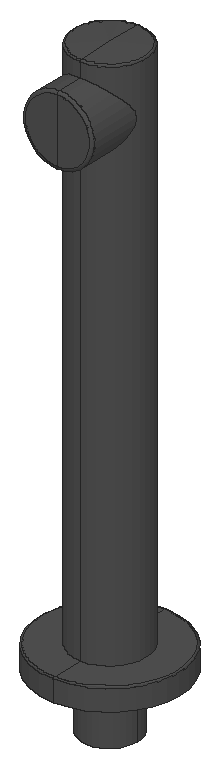
Revit family "Outlet-Bath-Caroma Liano Nexus-Wall", category Plumbing Fixtures, host Face, Revit 2013
Parameters (values of type "Standard")
  Waste Connection = no
  Vent Connection = no
  URL = "http://www.caroma.com.au/"
  Type Comments = "Caroma Liano Nexus Bath Outlet"  # constant formula
  ModifiedIssue_ANZRS = 2013.1  # constant formula
  Model = "96154B"  # constant formula
  Material_ANZRS = Metal-Steel-Powdercoated-Matte Black
  Manufacturer = "GWA Bathrooms & Kitchens"  # constant formula
  HWFU = 3  # constant formula
  HW Connection = yes
  Description = ""
  Default Elevation = 500 mm
  CreatedBy_ANZRS = "Design Content"  # constant formula
  CreatedByURL_ANZRS = "www.designcontent.com.au"
  Cost = 0
  Connector Radius = 0 mm
  CWFU = 3  # constant formula
  CW Connection = yes
  Assembly Code = "D2020300"
Reference planes
  plane 1 "Center (Front/Back)": y = 0
  plane 2: z = 0
  plane 3 "Center (Left/Right)": x = 0
Forms (mm)
  Extrusion 1, solid, material "Metal-Steel-Powdercoated-Matte Black" <- "Material_ANZRS"
    sketch origin (-7.071, -7.071, 0) x (-1, 0, 0) y (0, -1, 0)
      loop
        circle (-7.071, -7.071) r 10
    from -20 to 0
  Revolve 2, solid, material "Metal-Steel-Powdercoated-Matte Black" <- "Material_ANZRS"
    sketch origin (0, 0, 0) x (0, 1, 0) y (0, 0, 1)
      loop
        line (0, 0) -> (25, 0) -> (25, 7.5)
        arc (25, 7.5) -> (24.853, 7.854) -> (24.5, 8) r 0.5
        line (24.5, 8) -> (13, 8) -> (13, 199.063)
        arc (13, 199.063) -> (12.845, 199.465) -> (12.461, 199.659) r 0.6
        arc (12.461, 199.659) -> (6.239, 200.138) -> (0, 200.298) r 121.936
        line (0, 200.298) -> (0, 0)
      axis (0, 0) -> (0, 200.298)
    angle from 0 to 360
  Revolve 3, solid, material "Metal-Steel-Powdercoated-Matte Black" <- "Material_ANZRS"
    sketch origin (0, 0, 0) x (0, 1, 0) y (0, 0, 1)
      loop
        arc (-22.281, 194.097) -> (-22.988, 193.805) -> (-23.281, 193.097) r 1
        line (-23.281, 193.097) -> (-23.281, 181.597) -> (0, 181.597) -> (0, 194.097) -> (-22.281, 194.097)
      axis (0, 181.597) -> (-23.281, 181.597)
    angle from 0 to 360
Cuts and joins
  joined: Revolve 2, Revolve 3
Lines and regions (mm)
  Masking region 1
    outline origin (0, 0, 0) x (1, 0, 0) y (0, 1, 0)
      loop
        arc (12.5, -21.651) -> (0, 25) -> (-12.5, -21.651) r 25
        line (-12.5, -21.651) -> (-12.5, -23.285) -> (-9.099, -23.285)
        arc (-9.099, -23.285) -> (0, -25) -> (9.099, -23.285) r 25
        line (9.099, -23.285) -> (12.5, -23.285) -> (12.5, -21.651)
  Masking region 2
    outline origin (0, 0, 0) x (0, 1, 0) y (0, 0, 1)
      loop
        arc (12.461, 199.659) -> (6.239, 200.138) -> (0, 200.298) r 121.936
        arc (0, 200.298) -> (-6.239, 200.138) -> (-12.461, 199.659) r 121.936
        arc (-12.461, 199.659) -> (-12.845, 199.465) -> (-13, 199.063) r 0.6
        line (-13, 199.063) -> (-13, 194.097) -> (-22.285, 194.097)
        arc (-22.285, 194.097) -> (-22.992, 193.805) -> (-23.285, 193.097) r 1
        line (-23.285, 193.097) -> (-23.285, 170.097)
        arc (-23.285, 170.097) -> (-22.992, 169.39) -> (-22.285, 169.097) r 1
        line (-22.285, 169.097) -> (-13, 169.097) -> (-13, 8) -> (-24.5, 8)
        arc (-24.5, 8) -> (-24.853, 7.854) -> (-25, 7.5) r 0.5
        line (-25, 7.5) -> (-25, 0) -> (0, 0) -> (25, 0) -> (25, 7.5)
        arc (25, 7.5) -> (24.853, 7.854) -> (24.5, 8) r 0.5
        line (24.5, 8) -> (13, 8) -> (13, 199.063)
        arc (13, 199.063) -> (12.845, 199.465) -> (12.461, 199.659) r 0.6
  Masking region 3
    outline origin (0, 0, 0) x (1, 0, 0) y (0, 0, 1)
      loop
        arc (12.461, 199.659) -> (6.239, 200.138) -> (0, 200.298) r 121.936
        arc (0, 200.298) -> (-6.239, 200.138) -> (-12.461, 199.659) r 121.936
        arc (-12.461, 199.659) -> (-12.845, 199.465) -> (-13, 199.063) r 0.6
        line (-13, 199.063) -> (-13, 8) -> (-24.5, 8)
        arc (-24.5, 8) -> (-24.853, 7.854) -> (-25, 7.5) r 0.5
        line (-25, 7.5) -> (-25, 0) -> (0, 0) -> (25, 0) -> (25, 7.5)
        arc (25, 7.5) -> (24.853, 7.854) -> (24.5, 8) r 0.5
        line (24.5, 8) -> (13, 8) -> (13, 199.063)
        arc (13, 199.063) -> (12.845, 199.465) -> (12.461, 199.659) r 0.6
  symbolic lines
    curve 1: circle (0, 0, 0) r 13 normal (0, 0, 1)
    curve 2: line (-12.5, -3.57, 0) -> (-12.5, -22.285, 0)
    curve 3: line (-11.5, -23.285, 0) -> (0, -23.285, 0)
    curve 4: arc (-12.5, -22.285, 0) -> (-12.207, -22.992, 0) -> (-11.5, -23.285, 0) r 1
    curve 5: line (12.5, -3.57, 0) -> (12.5, -22.285, 0)
    curve 6: line (11.5, -23.285, 0) -> (0, -23.285, 0)
    curve 7: arc (12.5, -22.285, 0) -> (12.207, -22.992, 0) -> (11.5, -23.285, 0) r 1
    curve 8: line (0, -13, 194.097) -> (0, -13, 169.097)
    curve 9: line (0, 24.5, 8) -> (0, -24.5, 8)
    curve 10: line (13, 0, 8) -> (-13, 0, 8)
Dimensions and locks
  aligned and locked: plane 2 to host face
  aligned and locked: level to host face
Connectors
  piping at (0, 0, -20), driven by "Connector Radius", driven by "HWFU"
    settings: on Extrusion 1, index 8, connector radius 0", flow factor 0, pipe flow 0 GPM, pressure drop 0.00 psi, fitting loss kfactor 0, connector angle 0.00°, fixture units 3, engagement length 0 mm, flow configuration 3, flow direction 1, fitting loss method 1, system type 19, joint type 0, gender type 0, connector reference index -1, connector utility 0, adjustable connector no, is connector primary yes, fitting loss table "Outlet", connector description ""
